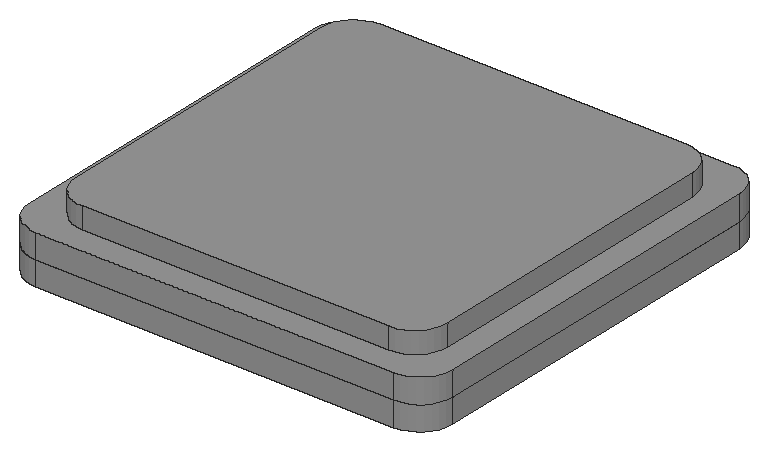
Revit family "FMS2_63_UN_Surface-mounted_ETK", category Lighting Fixtures, Revit 2019 (continued)
Definition of nested family "FMS.2 - Lightsource"
  Types (14, lengths in mm): name | Wattage Comments | Wattage | built-in parameter 1150134 | Photometric Web File | built-in parameter 1150142 | built-in parameter 1150105 | Lumens | built-in parameter 1150107 | built-in parameter 1150106 | Apparent Load
    FMS.1110.10 - Ø270 / 18W / 1120lm / 4000K | "18W" | 7.53996 W | 12 | "FMS.1110.10.ies" | "IESNA:LM-63-2002\r\n[TEST] /2016\r\n[TESTLAB] ies2eulumdat.appspot.com\r\n[ISSUEDATE] 2021-10-05T13:44:21.684\r\n[MANUFAC] www.etk.nl\r\n[LUMCAT] FMS.1110.10\r\n[LUMINAIRE] FMS.1 LED 18W 4000K 1120lm ø270 Ledeshi Slice circle III niet dimbaar\r\n[LAMPCAT] LED\r\n[LAMP] LED\r\nTILT=NONE\r\n1\t1381\t1\t181\t72\t1\t2\t-0.270\t-0.270\t0\r\n1.0\t1.0\t15.30\r\n0\t 0.5\t 1\t 1.5\t 2\t 2.5\t 3\t 3.5\t 4\t 4.5\r\n5\t 5.5\t 6\t 6.5\t 7\t 7.5\t 8\t 8.5\t 9\t 9.5\r\n10\t 10.5\t 11\t 11.5\t 12\t 12.5\t 13\t 13.5\t 14\t 14.5\r\n15\t 15.5\t 16\t 16.5\t 17\t 17.5\t 18\t 18.5\t 19\t 19.5\r\n20\t 20.5\t 21\t 21.5\t 22\t 22.5\t 23\t 23.5\t 24\t 24.5\r\n25\t 25.5\t 26\t 26.5\t 27\t 27.5\t 28\t 28.5\t 29\t 29.5\r\n30\t 30.5\t 31\t 31.5\t 32\t 32.5\t 33\t 33.5\t 34\t 34.5\r\n35\t 35.5\t 36\t 36.5\t 37\t 37.5\t 38\t 38.5\t 39\t 39.5\r\n40\t 40.5\t 41\t 41.5\t 42\t 42.5\t 43\t 43.5\t 44\t 44.5\r\n45\t 45.5\t 46\t 46.5\t 47\t 47.5\t 48\t 48.5\t 49\t 49.5\r\n50\t 50.5\t 51\t 51.5\t 52\t 52.5\t 53\t 53.5\t 54\t 54.5\r\n55\t 55.5\t 56\t 56.5\t 57\t 57.5\t 58\t 58.5\t 59\t 59.5\r\n60\t 60.5\t 61\t 61.5\t 62\t 62.5\t 63\t 63.5\t 64\t 64.5\r\n65\t 65.5\t 66\t 66.5\t 67\t 67.5\t 68\t 68.5\t 69\t 69.5\r\n70\t 70.5\t 71\t 71.5\t 72\t 72.5\t 73\t 73.5\t 74\t 74.5\r\n75\t 75.5\t 76\t 76.5\t 77\t 77.5\t 78\t 78.5\t 79\t 79.5\r\n80\t 80.5\t 81\t 81.5\t 82\t 82.5\t 83\t 83.5\t 84\t 84.5\r\n85\t 85.5\t 86\t 86.5\t 87\t 87.5\t 88\t 88.5\t 89\t 89.5\r\n90\r\n0\t 5\t 10\t 15\t 20\t 25\t 30\t 35\t 40\t 45\r\n50\t 55\t 60\t 65\t 70\t 75\t 80\t 85\t 90\t 95\r\n100\t 105\t 110\t 115\t 120\t 125\t 130\t 135\t 140\t 145\r\n150\t 155\t 160\t 165\t 170\t 175\t 180\t 185\t 190\t 195\r\n200\t 205\t 210\t 215\t 220\t 225\t 230\t 235\t 240\t 245\r\n250\t 255\t 260\t 265\t 270\t 275\t 280\t 285\t 290\t 295\r\n300\t 305\t 310\t 315\t 320\t 325\t 330\t 335\t 340\t 345\r\n350\t 355\r\n502.9602\t502.2697\t501.5792\t501.303\t500.8887\t500.3363\t499.6458\t499.2315\t498.6791\t497.8505\r\n497.16\t496.3314\t495.5028\t494.5361\t493.5694\t492.4646\t491.2217\t490.255\t489.2883\t488.0454\r\n486.8025\t485.4215\t484.0405\t482.6595\t481.2785\t479.7594\t478.2403\t476.5831\t475.064\t473.4068\r\n471.7496\t469.8162\t468.0209\t466.0875\t464.1541\t462.2207\t460.1492\t458.0777\t456.0062\t453.9347\r\n451.7251\t449.6536\t447.5821\t445.2344\t442.7486\t440.2628\t437.777\t435.4293\t433.0816\t430.4577\r\n427.8338\t425.348\t422.8622\t420.2383\t417.4763\t414.5762\t411.8142\t409.0522\t406.2902\t403.5282\r\n400.7662\t397.728\t394.5517\t391.6516\t388.7515\t385.7133\t382.8132\t379.6369\t376.4606\t373.4224\r\n370.2461\t367.2079\t364.1697\t360.7172\t357.4028\t354.0884\t350.774\t347.5977\t344.4214\t340.8308\r\n337.3783\t333.9258\t330.4733\t327.1589\t323.8445\t320.392\t316.9395\t313.2108\t309.6202\t306.1677\r\n302.7152\t298.9865\t295.2578\t291.6672\t288.0766\t284.486\t280.8954\t277.1667\t273.2999\t269.7093\r\n265.9806\t262.2519\t258.5232\t254.7945\t250.9277\t247.3371\t243.7465\t239.8797\t236.0129\t232.008\r\n228.0031\t224.4125\t220.8219\t216.9551\t213.2264\t209.0834\t205.0785\t201.2117\t197.3449\t193.4781\r\n189.6113\t185.4683\t181.4634\t177.7347\t173.8679\t170.0011\t165.9962\t161.9913\t157.8483\t153.9815\r\n150.2528\t146.5241\t142.7954\t138.7905\t134.7718\t130.6978\t126.6239\t122.9366\t119.2355\t115.3687\r\n111.5019\t107.8285\t104.1412\t100.4125\t96.6976\t92.9551\t89.2264\t85.4839\t81.7552\t78.3027\r\n74.864\t71.5496\t68.2352\t64.9761\t61.7031\t58.5544\t55.4057\t52.4228\t49.4398\t46.5397\r\n43.6534\t40.7395\t37.8256\t35.1741\t32.5226\t30.0229\t27.5371\t25.2861\t23.0351\t21.0741\r\n19.113\t16.061\t13.0118\t10.1559\t7.3013\t6.7545\t6.209\t5.8775\t5.5461\t5.3141\r\n5.0821\r\n502.9602\t502.2697\t501.4411\t501.0268\t500.6125\t499.922\t499.2315\t498.6791\t497.9886\t497.16\r\n496.3314\t495.5028\t494.5361\t493.5694\t492.6027\t491.3598\t490.1169\t489.0121\t487.9073\t486.6644\r\n485.4215\t483.9024\t482.5214\t481.0023\t479.4832\t477.9641\t476.3069\t474.6497\t472.9925\t471.3353\r\n469.6781\t467.7447\t465.6732\t463.7398\t461.8064\t459.873\t457.8015\t455.5919\t453.5204\t451.3108\r\n449.1012\t446.8916\t444.8201\t442.3343\t439.9866\t437.3627\t434.8769\t432.3911\t430.0434\t427.4195\r\n424.7956\t422.1717\t419.6859\t416.9239\t414.3\t411.3999\t408.4998\t405.7378\t402.8377\t400.0757\r\n397.3137\t394.2755\t391.0992\t388.061\t385.1609\t382.1227\t379.2226\t376.0463\t372.87\t369.6937\r\n366.6555\t363.4792\t360.3029\t356.9885\t353.6741\t350.3597\t347.0453\t343.7309\t340.4165\t337.1021\r\n333.6496\t330.1971\t326.7446\t323.2921\t319.8396\t316.5252\t313.0727\t309.4821\t305.8915\t302.3009\r\n298.8484\t295.2578\t291.5291\t287.9385\t284.3479\t280.7573\t277.1667\t273.438\t269.7093\t266.1187\r\n262.39\t258.6613\t254.9326\t251.2039\t247.4752\t243.7465\t240.0178\t236.2891\t232.5604\t228.6936\r\n224.8268\t220.96\t217.2313\t213.5026\t209.7739\t205.9071\t202.0403\t198.0354\t194.3067\t190.4399\r\n186.5731\t182.7063\t178.7014\t174.8346\t170.9678\t167.2391\t163.3723\t159.5055\t155.6387\t151.7719\r\n147.9051\t144.1764\t140.4477\t136.6776\t132.8798\t129.0821\t125.2429\t121.4037\t117.7441\t114.0982\r\n110.3833\t106.6684\t103.0778\t99.5425\t96.0485\t92.4027\t88.7983\t85.2353\t81.7276\t78.2751\r\n74.864\t71.522\t68.2352\t65.0451\t61.8964\t58.803\t55.7648\t52.9061\t50.1027\t47.1611\r\n44.2334\t41.2505\t38.1985\t34.9945\t31.3763\t27.8824\t24.7061\t21.7093\t19.0026\t16.572\r\n14.3348\t12.824\t11.5037\t10.3175\t9.319\t8.5871\t8.0858\t7.7612\t2.0356\t0\r\n0\r\n502.9602\t502.1316\t501.303\t500.8887\t500.3363\t499.6458\t498.8172\t498.1267\t497.4362\t496.6076\r\n495.6409\t494.8123\t493.8456\t492.7408\t491.636\t490.3931\t489.1502\t487.9073\t486.8025\t485.4215\r\n484.1786\t482.6595\t481.1404\t479.6213\t478.1022\t476.445\t474.7878\t473.1306\t471.3353\t469.6781\r\n467.8828\t465.9494\t464.016\t461.9445\t460.0111\t457.9396\t455.8681\t453.7966\t451.587\t449.3774\r\n447.1678\t444.9582\t442.7486\t440.4009\t437.9151\t435.4293\t432.9435\t430.3196\t427.8338\t425.348\r\n422.7241\t420.1002\t417.4763\t414.8524\t412.2285\t409.4665\t406.5664\t403.6663\t400.9043\t398.0042\r\n395.2422\t392.3421\t389.3039\t386.1276\t383.2275\t380.3274\t377.2892\t374.251\t371.0747\t367.8984\r\n364.7221\t361.6839\t358.5076\t355.3313\t352.0169\t348.7025\t345.3881\t342.2118\t338.8974\t335.583\r\n332.2686\t328.8161\t325.5017\t322.0492\t318.5967\t315.2823\t311.8298\t308.3773\t305.0629\t301.4723\r\n298.0198\t294.4292\t290.8386\t287.3861\t283.9336\t280.343\t276.7524\t273.2999\t269.7093\t266.1187\r\n262.5281\t258.7994\t255.2088\t251.6182\t247.8895\t244.2989\t240.5702\t236.9796\t233.2509\t229.6603\r\n225.9316\t222.2029\t218.6123\t214.8836\t211.1549\t207.2881\t203.4213\t199.4164\t195.4115\t191.4066\r\n187.5398\t183.673\t179.6681\t175.6632\t171.6583\t167.6534\t163.7866\t159.9198\t156.1911\t152.3243\r\n148.4575\t144.5907\t140.7239\t137.0366\t133.3494\t129.6897\t126.0439\t122.3428\t118.6555\t115.0235\r\n111.4467\t107.9666\t104.5831\t101.2135\t97.7334\t94.2809\t90.8698\t87.3344\t83.7715\t80.3742\r\n77.0322\t73.8145\t70.652\t67.5723\t64.5618\t61.6064\t58.6925\t55.8338\t52.9752\t50.0613\r\n47.175\t43.971\t40.7119\t37.577\t34.5664\t31.6939\t28.9596\t26.3771\t23.9742\t21.806\r\n19.8588\t18.0359\t16.3372\t14.7353\t13.2245\t10.0371\t3.3061\t0\t0\t0\r\n0\r\n502.9602\t502.1316\t501.1649\t500.6125\t500.0601\t499.2315\t498.4029\t497.7124\t496.8838\t496.0552\r\n495.0885\t494.1218\t493.017\t491.9122\t490.8074\t489.5645\t488.1835\t486.9406\t485.6977\t484.4548\r\n483.0738\t481.6928\t480.0356\t478.5165\t476.8593\t475.3402\t473.683\t471.8877\t470.0924\t468.4352\r\n466.6399\t464.8446\t462.7731\t460.7016\t458.7682\t456.6967\t454.6252\t452.5537\t450.3441\t448.1345\r\n445.9249\t443.7153\t441.3676\t439.158\t436.8103\t434.3245\t431.8387\t429.3529\t426.729\t424.2432\r\n421.7574\t419.1335\t416.5096\t413.8857\t411.2618\t408.4998\t405.7378\t402.9758\t400.0757\t397.3137\r\n394.5517\t391.6516\t388.8896\t385.8514\t382.8132\t379.775\t377.013\t373.9748\t370.9366\t367.8984\r\n364.7221\t361.6839\t358.6457\t355.4694\t352.2931\t349.1168\t345.9405\t342.7642\t339.5879\t336.2735\r\n333.0972\t329.7828\t326.4684\t323.154\t319.9777\t316.6633\t313.3489\t309.8964\t306.582\t303.2676\r\n299.9532\t296.6388\t293.1863\t289.3195\t285.4527\t281.8621\t278.1334\t274.4047\t270.5379\t266.8092\r\n263.0805\t259.3518\t255.485\t251.6182\t247.8895\t244.0227\t240.294\t236.4272\t232.6985\t228.8317\r\n225.103\t221.2362\t217.5075\t213.7788\t209.912\t206.0452\t202.1784\t198.5878\t194.8591\t191.2685\r\n187.5398\t183.8111\t179.9443\t176.2156\t172.625\t168.8963\t165.3057\t161.7151\t157.9864\t154.3958\r\n150.8052\t147.3527\t143.7621\t139.8953\t135.9871\t132.0512\t128.0877\t124.1657\t120.5475\t116.9431\r\n113.3525\t109.7757\t106.2265\t102.6912\t99.1972\t95.7862\t92.4441\t89.1574\t85.9534\t82.8186\r\n79.7389\t76.6731\t73.4968\t70.3896\t67.3928\t64.4651\t61.6202\t58.803\t56.0134\t53.2652\r\n50.5722\t47.8516\t45.1587\t42.4934\t39.7866\t37.1075\t34.5112\t31.984\t29.512\t27.109\r\n24.7751\t22.4965\t20.2869\t13.1457\t5.7187\t0\t0\t0\t0\t0\r\n0\r\n502.9602\t501.9935\t501.1649\t500.4744\t499.7839\t498.9553\t498.1267\t497.2981\t496.4695\t495.5028\r\n494.5361\t493.5694\t492.4646\t491.3598\t490.1169\t488.874\t487.493\t486.112\t484.8691\t483.6262\r\n482.2452\t480.7261\t479.207\t477.5498\t476.0307\t474.5116\t472.8544\t471.0591\t469.2638\t467.4685\r\n465.6732\t463.8779\t462.0826\t460.0111\t457.9396\t455.8681\t453.9347\t451.8632\t449.6536\t447.444\r\n445.2344\t443.0248\t440.8152\t438.6056\t436.2579\t433.9102\t431.5625\t429.2148\t426.5909\t424.1051\r\n421.6193\t419.1335\t416.5096\t414.0238\t411.3999\t408.776\t406.1521\t403.3901\t400.6281\t397.8661\r\n395.1041\t392.3421\t389.5801\t386.8181\t384.0561\t381.0179\t378.1178\t375.2177\t372.3176\t369.5556\r\n366.5174\t363.4792\t360.441\t357.4028\t354.3646\t351.4645\t348.2882\t344.8357\t341.2451\t337.7926\r\n334.202\t330.6114\t327.1589\t323.5683\t319.9777\t316.3871\t312.7965\t309.2059\t305.6153\t302.0247\r\n298.296\t294.7054\t291.1148\t287.5242\t283.9336\t280.343\t276.6143\t273.0237\t269.4331\t265.8425\r\n262.2519\t258.5232\t254.9326\t251.342\t247.8895\t244.1608\t240.5702\t236.9796\t233.2509\t229.6603\r\n226.0697\t222.6172\t219.0266\t215.436\t211.8454\t208.3929\t204.9404\t201.4879\t197.8973\t194.1686\r\n190.0256\t185.8826\t181.8777\t178.149\t174.2822\t170.4154\t166.5486\t162.5437\t158.6769\t154.8101\r\n151.0814\t147.3527\t143.624\t139.8953\t136.2495\t132.5898\t128.944\t125.3396\t121.8594\t118.4207\r\n115.0235\t111.6262\t108.2704\t104.7765\t101.2825\t97.83\t94.4328\t91.0908\t87.804\t84.5586\r\n81.3961\t78.2889\t75.2507\t72.2539\t69.2986\t66.3985\t63.5398\t60.7226\t57.9468\t55.24\r\n52.5885\t49.9922\t47.4512\t44.9654\t42.5072\t40.0628\t37.6599\t35.2846\t32.8678\t30.4787\r\n25.3414\t17.1382\t8.953\t0.7955\t0\t0\t0\t0\t0\t0\r\n0\r\n502.9602\t501.9935\t501.0268\t500.1982\t499.5077\t498.6791\t497.7124\t496.8838\t496.0552\t495.0885\r\n494.1218\t493.017\t491.9122\t490.8074\t489.5645\t488.3216\t486.9406\t485.5596\t484.1786\t482.9357\r\n481.5547\t480.1737\t478.6546\t476.9974\t475.4783\t473.8211\t472.1639\t470.5067\t468.7114\t466.9161\r\n465.1208\t463.3255\t461.5302\t459.7349\t457.6634\t455.5919\t453.6585\t451.587\t449.6536\t447.444\r\n445.3725\t443.1629\t440.8152\t438.7437\t436.5341\t434.1864\t431.9768\t429.6291\t427.2814\t424.9337\r\n422.4479\t419.9621\t417.4763\t414.9905\t412.5047\t410.157\t407.5331\t404.9092\t402.2853\t399.6614\r\n397.0375\t394.2755\t391.6516\t388.8896\t386.2657\t383.3656\t380.0512\t376.7368\t373.4224\t369.9699\r\n366.6555\t363.3411\t360.0267\t356.5742\t353.1217\t349.6692\t346.3548\t342.9023\t339.5879\t336.1354\r\n332.5448\t329.0923\t325.6398\t322.3254\t318.8729\t315.4204\t311.9679\t308.5154\t305.0629\t301.6104\r\n298.1579\t294.7054\t291.2529\t287.8004\t284.3479\t280.8954\t277.4429\t273.9904\t270.5379\t267.0854\r\n263.6329\t260.1804\t256.866\t253.4135\t249.961\t246.5085\t243.056\t239.7416\t236.151\t232.1461\r\n228.2793\t224.2744\t220.2695\t216.4027\t212.3978\t208.531\t204.6642\t200.7974\t197.0687\t193.2019\r\n189.3351\t185.4683\t181.7396\t178.149\t174.4203\t170.6916\t166.9629\t163.2342\t159.5055\t155.9149\r\n152.3243\t148.8718\t145.2812\t141.8287\t138.3762\t134.6199\t130.905\t127.2453\t123.6133\t119.9951\r\n116.3907\t112.8277\t109.3062\t105.8537\t102.4426\t99.0729\t95.7447\t92.4303\t89.1712\t85.9396\r\n82.7633\t79.6423\t76.5626\t73.5383\t70.5967\t67.7242\t64.8794\t62.0621\t59.2863\t56.5243\r\n53.79\t51.0832\t48.404\t45.7663\t43.1562\t40.56\t38.0051\t35.4641\t27.8824\t19.8588\r\n11.8435\t3.8226\t0\t0\t0\t0\t0\t0\t0\t0\r\n0\r\n502.9602\t501.9935\t500.8887\t500.0601\t499.3696\t498.4029\t497.5743\t496.6076\t495.6409\t494.6742\r\n493.7075\t492.6027\t491.4979\t490.255\t489.1502\t487.7692\t486.5263\t485.1453\t483.7643\t482.3833\r\n481.0023\t479.6213\t478.2403\t476.7212\t475.064\t473.5449\t471.8877\t470.2305\t468.7114\t466.9161\r\n465.1208\t463.3255\t461.3921\t459.5968\t457.8015\t456.0062\t453.9347\t451.8632\t449.9298\t447.9964\r\n445.9249\t443.8534\t441.6438\t439.4342\t437.3627\t435.1531\t433.0816\t430.872\t428.5243\t426.1766\r\n423.967\t421.7574\t419.4097\t416.9239\t414.5762\t412.0904\t409.6046\t406.8426\t403.9425\t400.7662\r\n397.4518\t394.2755\t391.0992\t387.9229\t384.7466\t381.5703\t378.2559\t375.0796\t371.9033\t368.727\r\n365.4126\t362.2363\t358.7838\t355.4694\t352.2931\t349.1168\t345.8024\t342.3499\t339.0355\t335.7211\r\n332.5448\t329.2304\t325.916\t322.6016\t319.2872\t315.9728\t312.6584\t309.344\t306.0296\t302.7152\r\n299.4008\t296.2245\t292.9101\t289.7338\t286.4194\t283.105\t279.9287\t276.6143\t273.2999\t269.5712\r\n265.7044\t261.9757\t257.9708\t254.104\t250.2372\t246.3704\t242.5036\t238.7749\t234.9081\t231.1794\r\n227.3126\t223.5839\t219.7171\t215.9884\t212.2597\t208.531\t204.9404\t201.2117\t197.6211\t193.8924\r\n190.3018\t186.5731\t182.9825\t179.3919\t175.8013\t172.2107\t168.7582\t165.1676\t161.4389\t157.5721\r\n153.7053\t149.9766\t146.2479\t142.6573\t139.0667\t135.4485\t131.8303\t128.2535\t124.7043\t121.1689\r\n117.6612\t114.1949\t110.7424\t107.3866\t104.0722\t100.7854\t97.54\t94.2532\t90.9527\t87.6797\r\n84.462\t81.2719\t78.1232\t75.0159\t71.9501\t68.9119\t65.9151\t62.9598\t60.0459\t57.1596\r\n54.3009\t51.4561\t48.6526\t45.8492\t43.0872\t38.9718\t31.0587\t23.1318\t15.2186\t7.3069\r\n0\t0\t0\t0\t0\t0\t0\t0\t0\t0\r\n0\r\n502.9602\t501.8554\t500.8887\t499.922\t499.0934\t498.2648\t497.2981\t496.3314\t495.3647\t494.398\r\n493.2932\t492.1884\t491.0836\t489.9788\t488.7359\t487.493\t486.2501\t484.8691\t483.4881\t482.1071\r\n480.7261\t479.3451\t477.9641\t476.5831\t475.064\t473.5449\t471.8877\t470.2305\t468.5733\t467.0542\r\n465.397\t463.6017\t461.8064\t460.0111\t458.2158\t456.4205\t454.6252\t452.8299\t450.7584\t448.6869\r\n446.7535\t444.9582\t443.0248\t440.9533\t438.8818\t436.6722\t434.6007\t432.3911\t430.4577\t428.3862\r\n426.1766\t423.1384\t420.2383\t417.3382\t414.4381\t411.3999\t408.3617\t405.3235\t402.2853\t399.109\r\n396.0708\t393.1707\t390.2706\t387.0943\t383.918\t380.7417\t377.5654\t374.5272\t371.3509\t368.1746\r\n365.1364\t361.9601\t358.9219\t355.7456\t352.7074\t349.5311\t346.3548\t343.1785\t339.8641\t336.8259\r\n333.6496\t330.4733\t327.297\t323.9826\t320.9444\t317.7681\t314.7299\t311.5536\t308.3773\t305.201\r\n302.0247\t298.4341\t294.7054\t290.9767\t287.1099\t283.3812\t279.6525\t275.7857\t272.057\t268.4664\r\n264.7377\t261.009\t257.2803\t253.5516\t249.8229\t246.0942\t242.3655\t238.7749\t235.0462\t231.4556\r\n227.865\t224.1363\t220.5457\t216.9551\t213.3645\t209.7739\t206.1833\t202.7308\t199.1402\t195.5496\r\n192.0971\t188.3684\t184.5016\t180.6348\t176.768\t173.0393\t169.1725\t165.4438\t161.7151\t158.1245\r\n154.3958\t150.8052\t147.0765\t143.4859\t139.8953\t136.3047\t132.7417\t129.2064\t125.6986\t122.2185\r\n118.766\t115.3273\t111.9162\t108.5328\t105.1632\t101.8211\t98.5067\t95.2061\t91.947\t88.7154\r\n85.4977\t82.3076\t79.1451\t75.9826\t72.8616\t69.7405\t66.6333\t63.5536\t60.4878\t57.4358\r\n54.3976\t51.387\t48.3902\t43.0596\t35.1465\t27.2471\t19.3478\t11.4471\t3.5519\t0\r\n0\t0\t0\t0\t0\t0\t0\t0\t0\t0\r\n0\r\n502.9602\t501.8554\t500.7506\t499.7839\t498.9553\t498.1267\t497.16\t496.0552\t495.0885\t494.1218\r\n493.017\t492.0503\t490.8074\t489.7026\t488.4597\t487.2168\t485.9739\t484.731\t483.35\t482.1071\r\n480.7261\t479.3451\t477.9641\t476.445\t475.064\t473.683\t472.1639\t470.5067\t468.9876\t467.3304\r\n465.8113\t464.1541\t462.635\t460.8397\t459.0444\t457.2491\t455.4538\t453.7966\t452.0013\t450.206\r\n448.4107\t446.3392\t444.4058\t442.6105\t440.8152\t439.0199\t436.2579\t433.3578\t430.4577\t427.5576\r\n424.7956\t421.8955\t419.1335\t416.2334\t413.3333\t410.2951\t407.395\t404.4949\t401.7329\t398.8328\r\n395.7946\t392.7564\t389.7182\t386.68\t383.6418\t380.7417\t377.8416\t374.9415\t371.9033\t368.8651\r\n365.6888\t362.7887\t359.7505\t356.7123\t353.6741\t350.6359\t347.5977\t344.6976\t341.6594\t338.7593\r\n335.7211\t332.6829\t329.7828\t326.6065\t323.4302\t319.7015\t315.9728\t312.3822\t308.6535\t304.7867\r\n301.058\t297.4674\t293.7387\t290.1481\t286.5575\t282.8288\t279.2382\t275.6476\t271.9189\t268.3283\r\n264.5996\t261.009\t257.4184\t253.8278\t250.2372\t246.6466\t243.1941\t239.6035\t236.0129\t232.5604\r\n229.1079\t225.5173\t222.0648\t218.4742\t215.0217\t211.4311\t207.5643\t203.6975\t199.9688\t196.102\r\n192.3733\t188.5065\t184.7778\t181.0491\t177.1823\t173.4536\t169.863\t166.1343\t162.4056\t158.815\r\n155.2244\t151.6338\t147.9051\t144.4526\t140.862\t137.3128\t133.7637\t130.2421\t126.7344\t123.2404\r\n119.7465\t116.3078\t112.8829\t109.4719\t106.0884\t102.7188\t99.3629\t96.0209\t92.6927\t89.3783\r\n86.0777\t82.791\t79.5318\t76.2726\t73.0411\t69.8234\t66.6194\t63.4293\t60.253\t57.0905\r\n53.9419\t48.1831\t40.2285\t32.274\t24.3332\t16.4063\t8.4669\t0.5338\t0\t0\r\n0\t0\t0\t0\t0\t0\t0\t0\t0\t0\r\n0\r\n502.9602\t501.8554\t500.7506\t499.6458\t498.8172\t497.8505\t497.0219\t495.9171\t494.8123\t493.8456\r\n492.7408\t491.7741\t490.6693\t489.5645\t488.4597\t487.2168\t485.9739\t484.731\t483.35\t482.1071\r\n480.7261\t479.3451\t478.1022\t476.7212\t475.3402\t473.8211\t472.4401\t471.0591\t469.54\t468.0209\r\n466.5018\t464.8446\t463.3255\t461.8064\t460.2873\t458.6301\t456
